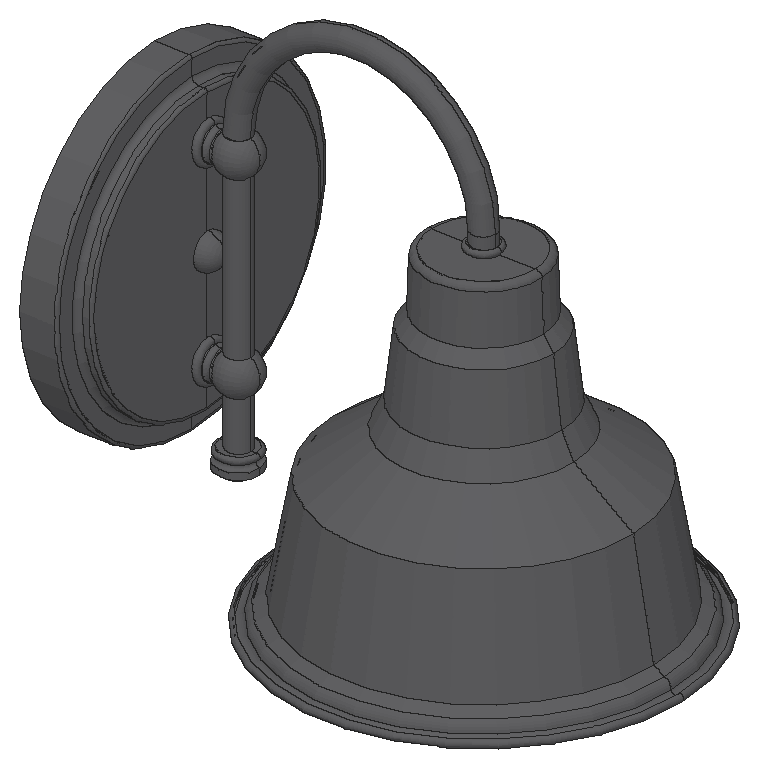
Revit family "Mini Wall Mount 1926 -8 MB", category Lighting Fixtures, Revit 2020
Family settings
  Round Connector Dimension = Use Diameter
  Part Type = Normal
  OmniClass Number = 23.80.70.00
  OmniClass Title = Lighting
  Work Plane-Based = No
  Always vertical = Yes
  Cut with Voids When Loaded = No
  Light Source = Yes
  Shared = No
  Room Calculation Point = No
Parameters (values of type "WM1926")
  Weight = "2.0 lbs"
  Wattage Comments = "100W Max"
  Wattage = 0.68 W
  Warranty = "5 year limited warranty"  # constant formula
  WM1926-1 = yes
  built-in parameter 1150110 = 1 (stored number, unit not read)
  Voltage = 277 V
  URL = "https://www.anplighting.com/assets/Uploads/product-attachments/specification-sheets/ANP-Specification-Sheet-RLM-MB-WM1926.pdf"
  built-in parameter 1114217 = 1 (stored number, unit not read)
  Tilt Angle = 90.00°
  built-in parameter 1150109 = 1 (stored number, unit not read)
  built-in parameter 1150134 = 12
  built-in parameter 1150113 = 1 (stored number, unit not read)
  Power Factor = 1
  Placement X axis side [instance] = 0' - 6 179/256"  # constant formula
  Photometric Web File = "WM1926M009LDNW40K.IES"
  Model = "WM1926"
  Manufacturer = "ANP Lighting"  # constant formula
  built-in parameter 1150105 = 67.641 (stored number, unit not read)
  Lumens = 850 lm
  built-in parameter 1150115 = 1 (stored number, unit not read)
  Load Classification = Lighting
  Light Source Height [instance] = 0' - 4 11/16"  # constant formula
  built-in parameter 1150137 = (empty or 0)
  built-in parameter 1150139 = (empty or 0)
  Light Elevation _2 [instance] = 0' - 1 137/256"  # constant formula
  Light Elevation _1 [instance] = 0' - 0 7/8"  # constant formula
  Light Elevation [instance] = 0' - 0"  # constant formula
  built-in parameter 1150112 = 1 (stored number, unit not read)
  built-in parameter 1150114 = 1 (stored number, unit not read)
  Lamp = "MB"
  built-in parameter 1150132 = 2
  built-in parameter 1150102 = (empty or 0)
  built-in parameter 1150107 = 4000 (stored number, unit not read)
  built-in parameter 1150138 = (empty or 0)
  built-in parameter 1150106 = 0.67641 (stored number, unit not read)
  INSIDE BODY = INSIDE BODY
  Fixture Height = 0' - 6 7/8"
  Fixture Diameter = 0' - 10 3/4"
  built-in parameter 1150104 = 116.13 (stored number, unit not read)
  Dimming Lamp Color Temperature Shift = <None>
  Description = "120-277 Voltage"  # constant formula
  Default Elevation = 0' - 0"
  Construction Material = "Heavy Duty spun aluminum."  # constant formula
  Color Filter = 16777215
  Bulb = Bulb
  Body Material = body
  Body Colour = "Spun aluminium"  # constant formula
  built-in parameter 1114218 = 1 (stored number, unit not read)
  built-in parameter 1150133 = 10 (stored number, unit not read)
  Apparent Load = 100 VA
Reference planes (in)
  plane 1 "Light Source Axis (F/B)": y = 0
  plane 2: z = 0
  plane 3 "Light Source Axis (L/R)": x = 0
  plane 4 "Light Source Elevation": z = 0
  plane 5: z = 0
  plane 6: x = 6.69922
  plane 7 "Bulb Position": z = -1.53516
  plane 8 "Canopy Position": z = -0.875
  plane 9 "IES": z = -6.22266
Dimensions and locks (in)
  "Light Elevation": plane 5 to plane 2
  "Placement X axis side": plane 6 to plane 3 "Light Source Axis (L/R)"
  "Light Elevation _2": plane 5 to plane 7 "Bulb Position"
  "Light Elevation _1": plane 5 to plane 8 "Canopy Position"
  "Light Source Height": plane 7 "Bulb Position" to plane 9 "IES"
  locked: plane 4 "Light Source Elevation" to plane 2
  aligned and locked: level to plane 2
  aligned and locked: imposter light to plane 9 "IES"
  aligned and locked: plane 6 to imposter light
  aligned and locked: plane 3 "Light Source Axis (L/R)" to nested 1
  aligned and locked: plane 5 to nested 1
Nested families (in)
  nested 1: "WM1926" at (0, 0, 0) x (-1, 0, 0) z (0, 0, 1), visible <- "WM1926-1", type "WM1926"
Definition of nested family "WM1926"
  Parameters (values of type "WM1926")
    WM1926-1 = yes
    WM1926 = none
    Default Elevation = 0' - 0"
  Reference planes (in)
    plane 1 "Center (Front/Back)": y = 0
    plane 2: z = 0
    plane 3 "Center (Left/Right)": x = 0
  Forms (in)
    Revolve 1, solid, material <- "WM1926", visible <- "WM1926-1"
      sketch origin (-6.7, 0, -13.86982) x (1, 0, 0) y (0, 0, 1)
        loop
          line (-3.46875, 6.11982) -> (-3.69446, 5.97978)
          arc (-3.69446, 5.97978) -> (-3.77896, 5.89269) -> (-3.8125, 5.77607) r 0.25
          arc (-3.8125, 5.77607) -> (-3.88525, 5.70501) -> (-3.98437, 5.68232) r 0.18769
          arc (-3.98437, 5.68232) -> (-4, 5.69794) -> (-3.98437, 5.71357) r 0.01562
          line (-3.98437, 5.71357) -> (-3.98437, 5.77607)
          arc (-3.98437, 5.77607) -> (-4.0625, 5.69794) -> (-3.98438, 5.61982) r 0.07812
          arc (-3.98438, 5.61982) -> (-3.80119, 5.68392) -> (-3.70862, 5.85449) r 0.26941
          arc (-3.70862, 5.85449) -> (-3.68388, 5.88652) -> (-3.65228, 5.9118) r 0.17
          line (-3.65228, 5.9118) -> (-3.45175, 6.03622)
          arc (-3.45175, 6.03622) -> (-3.40715, 6.08004) -> (-3.3856, 6.13874) r 0.1425
          arc (-3.3856, 6.13874) -> (-3.2199, 7.20629) -> (-3.00453, 8.26494) r 23.1214
          arc (-3.00453, 8.26494) -> (-2.98209, 8.3186) -> (-2.94288, 8.36156) r 0.17
          arc (-2.94288, 8.36156) -> (-2.40164, 8.76486) -> (-1.84574, 9.14769) r 18.0919
          arc (-1.84574, 9.14769) -> (-1.78931, 9.19483) -> (-1.74473, 9.25331) r 0.33
          arc (-1.74473, 9.25331) -> (-1.6296, 9.46422) -> (-1.53177, 9.6837) r 2.99166
          arc (-1.53177, 9.6837) -> (-1.51839, 9.72501) -> (-1.51055, 9.76772) r 0.33
          line (-1.51055, 9.76772) -> (-1.36601, 11.01076)
          arc (-1.36601, 11.01076) -> (-1.35469, 11.055) -> (-1.33201, 11.09463) r 0.17
          line (-1.33201, 11.09463) -> (-1.20691, 11.25762)
          arc (-1.20691, 11.25762) -> (-1.15812, 11.34701) -> (-1.1389, 11.44702) r 0.33
          line (-1.1389, 11.44702) -> (-1.10662, 12.37139)
          arc (-1.10662, 12.37139) -> (-1.09291, 12.40219) -> (-1.06165, 12.41482) r 0.045
          line (-1.06165, 12.41482) -> (-0.17, 12.41482) -> (-0.17, 12.49482) -> (-1.06165, 12.49482)
          arc (-1.06165, 12.49482) -> (-1.14848, 12.45974) -> (-1.18657, 12.37418) r 0.125
          line (-1.18657, 12.37418) -> (-1.22165, 11.36982) -> (-1.4375, 11.08857) -> (-1.59375, 9.74482)
          arc (-1.59375, 9.74482) -> (-1.70672, 9.48881) -> (-1.84375, 9.24482) r 2.91166
          arc (-1.84375, 9.24482) -> (-2.46216, 8.8199) -> (-3.0625, 8.36982) r 18.1719
          arc (-3.0625, 8.36982) -> (-3.29336, 7.24983) -> (-3.46875, 6.11982) r 23.2014
        axis (0, 5.61982) -> (0, 12.49482)
      angle from 0 to 360
    Sweep 2, solid, material <- "WM1926", visible <- "WM1926-1"
      path origin (-6.7, 0, -13.86982) x (1, 0, 0) y (0, 0, 1)
        loop
          line (5, 6.99412) -> (5, 12.85385)
          arc (5, 12.85385) -> (2.5, 15.35385) -> (0, 12.85385) r 2.5
          line (0, 12.85385) -> (0, 12.49482)
      profile origin (-4.2, 0, 1.48404) x (0, 0, -1) y (0, -1, 0)
        loop
          circle (0, 0) r 0.25
        loop
          circle (0, 0) r 0.1875
    Revolve 3, solid, material <- "WM1926", visible <- "WM1926-1"
      sketch origin (-6.7, 0, -13.86982) x (1, 0, 0) y (0, 0, 1)
        loop
          line (-0.28527, 12.49482) -> (-0.25, 12.49482) -> (-0.25, 12.61982) -> (-0.28527, 12.61982)
          arc (-0.28527, 12.61982) -> (-0.34777, 12.55732) -> (-0.28527, 12.49482) r 0.0625
        axis (0, 12.61982) -> (0, 12.49482)
      angle from 0 to 360
    Revolve 4, solid, material <- "WM1926", visible <- "WM1926-1"
      sketch origin (-6.7, 0, -17.86982) x (1, 0, 0) y (0, 0, 1)
        loop
          arc (5.2825, 12.82889) -> (4.81586, 12.89168) -> (4.5625, 12.49482) r 0.4375
          line (4.5625, 12.49482) -> (5.6375, 12.49482) -> (5.6375, 12.85482)
          arc (5.6375, 12.85482) -> (5.55361, 12.92642) -> (5.49608, 12.83232) r 0.0725
          line (5.49608, 12.83232) -> (5.46125, 12.83232)
          arc (5.46125, 12.83232) -> (5.38841, 12.79169) -> (5.31375, 12.82889) r 0.08937
          line (5.31375, 12.82889) -> (5.2825, 12.82889)
        axis (5.6375, 12.49482) -> (4.5625, 12.49482)
      angle from 0 to 360
    Revolve 5, solid, material <- "WM1926", visible <- "WM1926-1"
      sketch origin (-6.7, 0, -13.86982) x (1, 0, 0) y (0, 0, 1)
        loop
          line (6.7, 13.93232) -> (6.0125, 13.93232)
          arc (6.0125, 13.93232) -> (5.96831, 13.91401) -> (5.95, 13.86982) r 0.0625
          line (5.95, 13.86982) -> (5.95, 13.55732)
          arc (5.95, 13.55732) -> (5.91339, 13.46893) -> (5.825, 13.43232) r 0.125
          line (5.825, 13.43232) -> (5.7, 13.43232)
          arc (5.7, 13.43232) -> (5.65581, 13.41401) -> (5.6375, 13.36982) r 0.0625
          line (5.6375, 13.36982) -> (5.6375, 10.49482) -> (5.7, 10.49482) -> (5.7, 13.36982) -> (5.825, 13.36982)
          arc (5.825, 13.36982) -> (5.95758, 13.42474) -> (6.0125, 13.55732) r 0.1875
          line (6.0125, 13.55732) -> (6.0125, 13.86982) -> (6.7, 13.86982) -> (6.7, 13.93232)
        axis (6.7, 10.49482) -> (5.6375, 10.49482)
      angle from 0 to 360
    Revolve 6, solid, material <- "WM1926", visible <- "WM1926-1"
      sketch origin (-6.7, 0, -13.86982) x (1, 0, 0) y (0, 0, 1)
        loop
          arc (5.2825, 12.82889) -> (4.81586, 12.89168) -> (4.5625, 12.49482) r 0.4375
          line (4.5625, 12.49482) -> (5.6375, 12.49482) -> (5.6375, 12.85482)
          arc (5.6375, 12.85482) -> (5.55361, 12.92642) -> (5.49608, 12.83232) r 0.0725
          line (5.49608, 12.83232) -> (5.46125, 12.83232)
          arc (5.46125, 12.83232) -> (5.38841, 12.79169) -> (5.31375, 12.82889) r 0.08937
          line (5.31375, 12.82889) -> (5.2825, 12.82889)
        axis (5.6375, 12.49482) -> (4.5625, 12.49482)
      angle from 0 to 360
    Revolve 7, solid, material <- "WM1926", visible <- "WM1926-1"
      sketch origin (-6.7, 0, -13.86982) x (1, 0, 0) y (0, 0, 1)
        loop
          arc (4.63149, 7.01078) -> (4.63878, 6.92522) -> (4.5625, 6.88578) r 0.07725
          line (4.5625, 6.88578) -> (4.5625, 6.76248) -> (4.67988, 6.71679) -> (4.72803, 6.64803) -> (5, 6.63578) -> (5, 7.13578) -> (4.63149, 7.13578)
          arc (4.63149, 7.13578) -> (4.56899, 7.07328) -> (4.63149, 7.01078) r 0.0625
        axis (5, 7.13578) -> (5, 6.63578)
      angle from 0 to 360
    Revolve 8, solid, material <- "WM1926", visible <- "WM1926-1"
      sketch origin (-6.7, 0, -15.86982) x (1, 0, 0) y (0, 0, 1)
        loop
          arc (5.6375, 12.85482) -> (5.38294, 12.74938) -> (5.2775, 12.49482) r 0.36
          line (5.2775, 12.49482) -> (5.6375, 12.49482) -> (5.6375, 12.85482)
        axis (5.6375, 12.49482) -> (5.2775, 12.49482)
      angle from 0 to 360
  Lines and regions (in)
    symbolic lines
      curve 1: line (-10.76253, 0, -8.16866) -> (-10.76253, 0, -8.20161)
      curve 2: line (0, 0, -3.375) -> (-0.08441, 0, -3.375)
      curve 3: line (-4.12153, 0, 1.74212) -> (-3.9349, 0, 1.74212)
  Dimensions and locks (in)
    plane 3 "Center (Left/Right)" to curve 1 = 0' - 10.76253"
    locked: Revolve 1 to Revolve 3 at 6.875
    curve 2 to curve 3 = 0' - 5.11712"
    aligned and locked: plane 2 to level
